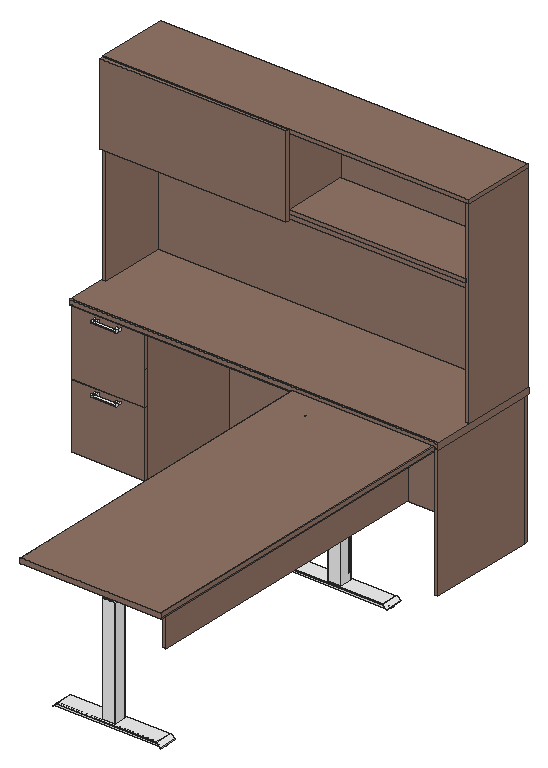
Revit family "JSI-Vision-Typical_Veneer-VST012-", category Furniture, Revit 2020 (continued)
Definition of nested family "JSI-Vision-Adjustable_Table_Standard_Range"
  Definition of nested family "Adj Base"
    Dimensions and locks (in)
      locked: Extrusion 7 to plane 2 at 24.23031
      Extrusion 8 sketch curve to Extrusion 8 sketch curve to plane 5 = 2.14567" locked, 5.02362" locked
      Extrusion 8 sketch curve to Extrusion 8 sketch curve to plane 3 "Center (Left/Right)" = 2.14567" locked, 5.02362" locked
      Extrusion 8 sketch curve to plane 1 "Center (Front/Back)" to Extrusion 8 sketch curve = 1.07283" locked, 1.07283" locked
      Extrusion 1 sketch curve to Extrusion 1 sketch curve to Extrusion 1 sketch curve to plane 4 = 1.57541" locked, 0.275" locked, 1.49065" locked
      Extrusion 1 sketch curve to Extrusion 1 sketch curve to Extrusion 1 sketch curve to Extrusion 1 sketch curve to plane 3 "Center (Left/Right)" = 0.5621" locked, 0.50019" locked, 7.59913" locked, 3.93731" locked
      plane 5 to Extrusion 1 sketch curve to Extrusion 1 sketch curve to Extrusion 1 sketch curve = 3.93731" locked, 7.59913" locked, 1.06228" locked
      Extrusion 2 sketch curve to Extrusion 2 sketch curve to Extrusion 2 sketch curve to Extrusion 2 sketch curve to plane 1 "Center (Front/Back)" to Extrusion 2 sketch curve to Extrusion 2 sketch curve to Extrusion 2 sketch curve to Extrusion 2 sketch curve = 0.09508" locked, 0.59852" locked, 3/32" locked, 1.91932" locked, 1.91932" locked, 3/32" locked, 0.59852" locked, 0.09508" locked
      locked: plane 4 to plane 6 at 1.1875
      Extrusion 8 to Extrusion 8 to plane 6 = 23.38581" locked, 2.15356" locked
      Extrusion 3 sketch curve to Extrusion 3 sketch curve to Extrusion 3 sketch curve to Extrusion 3 sketch curve to plane 1 "Center (Front/Back)" to Extrusion 3 sketch curve to Extrusion 3 sketch curve to Extrusion 3 sketch curve to Extrusion 3 sketch curve = 0.1181" locked, 0.35433" locked, 0.1181" locked, 2.03741" locked, 2.03741" locked, 0.1181" locked, 0.35433" locked, 0.1181" locked
      plane 6 to Extrusion 3 sketch curve to Extrusion 3 sketch curve to Extrusion 3 sketch curve to Extrusion 3 sketch curve = 0.19685" locked, 0.1181" locked, 0.5512" locked, 0.1181" locked
      Extrusion 9 sketch curve to Extrusion 9 sketch curve to Extrusion 9 sketch curve to Extrusion 9 sketch curve to plane 3 "Center (Left/Right)" = 1.41947" locked, 0.03723" locked, 0.11811" locked, 3 1/2" locked
      Extrusion 9 sketch curve to Extrusion 9 sketch curve to Extrusion 9 sketch curve to Extrusion 9 sketch curve to plane 5 = 1.41947" locked, 0.03723" locked, 0.11811" locked, 3 1/2" locked
      plane 6 to Extrusion 9 sketch curve to Extrusion 9 sketch curve to Extrusion 9 sketch curve = 0.11811" locked, 0.03723" locked, 2.01002" locked
      locked: plane 5 to Extrusion 10 at 1.99765
      locked: plane 3 "Center (Left/Right)" to Extrusion 10 at 1.99619
      Extrusion 10 sketch curve to plane 6 to Extrusion 10 sketch curve to Extrusion 10 sketch curve to Extrusion 10 sketch curve to Extrusion 10 sketch curve = 0.34478" locked, 0.37526" locked, 0.2783" locked, 1 1/2" locked, 0.50165" locked
      Extrusion 10 sketch curve to Extrusion 10 sketch curve to Extrusion 10 sketch curve to Extrusion 10 sketch curve to plane 1 "Center (Front/Back)" to Extrusion 10 sketch curve to Extrusion 10 sketch curve to Extrusion 10 sketch curve to Extrusion 10 sketch curve = 1/2" locked, 1/2" locked, 6.67046" locked, 2.47521" locked, 2.47521" locked, 6.67046" locked, 1/2" locked, 1/2" locked
      Extrusion 11 sketch curve to Extrusion 11 sketch curve to Extrusion 11 sketch curve to Extrusion 11 sketch curve to Extrusion 11 sketch curve to Extrusion 11 sketch curve to Extrusion 11 sketch curve to Extrusion 11 sketch curve = 3/32" locked, 0.59852" locked, 0.09508" locked, 3.83863" locked, 0.09508" locked, 0.59852" locked, 3/32" locked
      Extrusion 11 to Extrusion 3 to plane 5 = 5.86615" locked, 17.88976" locked
      Extrusion 2 to Extrusion 3 to plane 3 "Center (Left/Right)" = 5.86615" locked, 17.88976" locked
      Revolve 12 sketch curve to Revolve 12 sketch curve to Revolve 12 sketch curve to plane 7 = 0.1964" locked, 0.63019" locked, 0.15765" locked
      Revolve 13 sketch curve to Revolve 13 sketch curve to Revolve 13 sketch curve = 0.1964" locked, 0.63019" locked
      Revolve 13 to plane 1 "Center (Front/Back)" to Revolve 12 = 10.27547" locked, 10.27559" locked
      Revolve 14 sketch curve to Revolve 14 sketch curve to Revolve 14 sketch curve to plane 8 = 0.1964" locked, 0.63019" locked, 0.15765" locked
      Revolve 15 sketch curve to Revolve 15 sketch curve to Revolve 15 sketch curve = 0.1964" locked, 0.63019" locked
      Revolve 15 to Revolve 14 = 20.55106"
      Revolve 14 to plane 1 "Center (Front/Back)" to Revolve 15 = 10.27559" locked, 10.27547" locked
      locked: Extrusion 16 sketch curve to Extrusion 16 sketch curve at 0.62992
      Extrusion 16 sketch curve to plane 1 "Center (Front/Back)" to Extrusion 16 sketch curve = 11.14173" locked, 11.14173" locked
      "W Top": plane 3 "Center (Left/Right)" to plane 5
      locked: plane 3 "Center (Left/Right)" to plane 7 at 6.09647
      locked: plane 8 to plane 5 at 6.09647
      aligned and locked: plane 2 to level
      aligned and locked: Extrusion 7 to Extrusion 4
      aligned and locked: Extrusion 8 to Extrusion 1
      aligned and locked: Extrusion 3 sketch curve to Extrusion 3 sketch curve  (x2)
      aligned and locked: Extrusion 9 sketch curve to plane 6  (x2)
      aligned and locked: Extrusion 9 sketch curve to Extrusion 9 sketch curve  (x2)
      aligned and locked: Extrusion 2 to cut or joined group of Extrusion 9, Extrusion 10
      aligned and locked: Extrusion 10 sketch curve to Extrusion 10 sketch curve
      aligned and locked: Extrusion 11 to cut or joined group of Extrusion 9, Extrusion 10
      aligned and locked: plane 7 to Revolve 12 sketch curve
      aligned and locked: plane 8 to Revolve 14 sketch curve
      aligned and locked: curve 1 to Extrusion 4
      aligned and locked: curve 2 to Extrusion 4
      aligned and locked: curve 3 to Extrusion 4
      aligned and locked: curve 4 to Extrusion 4
      aligned and locked: curve 5 to Extrusion 6
      aligned and locked: Extrusion 6 to curve 6
      aligned and locked: curve 7 to Extrusion 6
      aligned and locked: curve 8 to Extrusion 6
      aligned and locked: curve 9 to cut or joined group of Extrusion 9, Extrusion 10
      aligned and locked: curve 10 to cut or joined group of Extrusion 9, Extrusion 10
      aligned and locked: cut or joined group of Extrusion 9, Extrusion 10 to curve 11
      aligned and locked: curve 12 to cut or joined group of Extrusion 9, Extrusion 10
      aligned and locked: curve 13 to cut or joined group of Extrusion 9, Extrusion 10
      aligned and locked: curve 14 to cut or joined group of Extrusion 9, Extrusion 10
      aligned and locked: curve 15 to cut or joined group of Extrusion 9, Extrusion 10
      aligned and locked: curve 16 to cut or joined group of Extrusion 9, Extrusion 10
      aligned and locked: Extrusion 2 to curve 31
      aligned and locked: Extrusion 2 to curve 32
      aligned and locked: Extrusion 11 to curve 31
      aligned and locked: Extrusion 11 to curve 32
      aligned and locked: Extrusion 2 to curve 33
      aligned and locked: Extrusion 2 to curve 34
      aligned and locked: Extrusion 11 to curve 33
      aligned and locked: Extrusion 11 to curve 34
    Automatic sketch dimensions
      Extrusion 3 sketch curve to Extrusion 3 sketch curve = 0.1181"  (x3)
      level to Extrusion 4 sketch curve = 1.1022"  (x2)
      Extrusion 4 sketch curve to Extrusion 4 sketch curve = 0.1607"  (x2)
      level to Extrusion 4 sketch curve = 0.99371"
      Extrusion 4 sketch curve to Extrusion 4 sketch curve = 0.07561"
      Extrusion 4 sketch curve to Extrusion 4 sketch curve = 0.08017"
      level to Extrusion 4 sketch curve = 0.99365"
      Extrusion 4 sketch curve to Extrusion 4 sketch curve = 0.09554"
      Extrusion 4 sketch curve to Extrusion 4 sketch curve = 0.01252"
      level to Extrusion 6 sketch curve = 0.4268"
      plane 1 "Center (Front/Back)" to Extrusion 6 sketch curve = 11.48879"
      level to Extrusion 6 sketch curve = 1.1022"  (x2)
      Extrusion 6 sketch curve to Extrusion 6 sketch curve = 0.1607"  (x2)
      level to Extrusion 6 sketch curve = 0.99371"
      Extrusion 6 sketch curve to Extrusion 6 sketch curve = 0.08017"
      level to Extrusion 6 sketch curve = 0.99365"
      Extrusion 6 sketch curve to Extrusion 6 sketch curve = 0.08035"
      level to Extrusion 16 sketch curve = 0.89789"
      level to Extrusion 16 sketch curve = 0.99365"
      Extrusion 16 sketch curve to Extrusion 16 sketch curve = 0.08035"
      Extrusion 16 sketch curve to Extrusion 16 sketch curve = 0.62321"
      Extrusion 16 sketch curve to Extrusion 16 sketch curve = 0.54294"
      Extrusion 16 sketch curve to Extrusion 16 sketch curve = 0.08017"
      Extrusion 16 sketch curve to Extrusion 16 sketch curve = 0.14516"  (x2)
      Extrusion 16 sketch curve to Extrusion 16 sketch curve = 0.12472"
      Extrusion 1 sketch curve to Extrusion 1 sketch curve = 0.5621"
      Extrusion 2 sketch curve to Extrusion 2 sketch curve = 0.0984"  (x4)
      Extrusion 2 sketch curve to plane 6 = 1.49606"  (x2)
      Extrusion 2 sketch curve to plane 6 = 0.21319"  (x2)
      level to Extrusion 5 sketch curve = 0.99371"
      Extrusion 5 sketch curve to Extrusion 5 sketch curve = 0.54294"
      Extrusion 5 sketch curve to Extrusion 5 sketch curve = 0.08017"
      Extrusion 5 sketch curve to Extrusion 5 sketch curve = 0.62321"
      level to Extrusion 5 sketch curve = 0.99365"
      Extrusion 5 sketch curve to Extrusion 5 sketch curve = 0.08035"
      Extrusion 5 sketch curve to Extrusion 5 sketch curve = 0.14516"  (x2)
      plane 7 to Extrusion 7 sketch curve = 1.25986"
      Extrusion 7 sketch curve to Extrusion 7 sketch curve = 0.09843"  (x4)
      Extrusion 7 sketch curve to plane 7 = 1.25982"
      plane 8 to Extrusion 7 sketch curve = 1.35825"
      Extrusion 7 sketch curve to plane 8 = 1.25986"
      plane 7 to Extrusion 8 sketch curve = 1.07285"
      Extrusion 8 sketch curve to Extrusion 8 sketch curve = 0.09843"  (x3)
      Extrusion 8 sketch curve to plane 7 = 1.07282"
      plane 8 to Extrusion 8 sketch curve = 1.17124"
      Extrusion 8 sketch curve to plane 8 = 1.14171"
      Extrusion 8 sketch curve to Extrusion 8 sketch curve = 0.07412"
      plane 1 "Center (Front/Back)" to Extrusion 8 sketch curve = 1.17126"
      Extrusion 8 sketch curve to plane 1 "Center (Front/Back)" = 1.02828"
      Extrusion 9 sketch curve to Extrusion 9 sketch curve = 0.00029"  (x2)
      Extrusion 10 sketch curve to plane 6 = 0.86607"  (x2)
      Extrusion 10 sketch curve to Extrusion 10 sketch curve = 0.09543"
      Extrusion 10 sketch curve to plane 6 = 2.12599"  (x2)
      Extrusion 10 sketch curve to Extrusion 10 sketch curve = 0.2863"
      plane 1 "Center (Front/Back)" to Extrusion 11 sketch curve = 2.70667"
      Extrusion 11 sketch curve to Extrusion 11 sketch curve = 3/32"
      Extrusion 11 sketch curve to Extrusion 11 sketch curve = 0.0984"  (x2)
      Extrusion 11 sketch curve to Extrusion 11 sketch curve = 0.09389"
      Extrusion 11 sketch curve to plane 6 = 0.11811"  (x2)
      Extrusion 11 sketch curve to Extrusion 11 sketch curve = 1.18447"
      Extrusion 11 sketch curve to Extrusion 11 sketch curve = 1.1858"
      plane 7 to Revolve 12 sketch curve = 0"
      Revolve 12 sketch curve to level = 0"
      level to Revolve 12 sketch curve = 0.19657"
      Revolve 12 sketch curve to Revolve 12 sketch curve = 0.1964"
      Revolve 12 sketch curve to Revolve 12 sketch curve = 0.55192"
      Revolve 12 sketch curve to Revolve 12 sketch curve = 0.16385"
      Revolve 12 sketch curve to Revolve 12 sketch curve = 0.05111"
      plane 7 to Revolve 13 sketch curve = 0"  (x2)
      plane 7 to Revolve 13 sketch curve = 0.15765"
      Revolve 13 sketch curve to level = 0"
      level to Revolve 13 sketch curve = 0.19657"
      Revolve 13 sketch curve to Revolve 13 sketch curve = 0.1964"
      Revolve 13 sketch curve to Revolve 13 sketch curve = 0.55192"
      Revolve 13 sketch curve to Revolve 13 sketch curve = 0.16385"
      Revolve 13 sketch curve to Revolve 13 sketch curve = 0.05111"
      Revolve 14 sketch curve to level = 0"
      plane 8 to Revolve 14 sketch curve = 0"
      level to Revolve 14 sketch curve = 0.19657"
      Revolve 14 sketch curve to Revolve 14 sketch curve = 0.1964"
      Revolve 14 sketch curve to Revolve 14 sketch curve = 0.55192"
      Revolve 14 sketch curve to Revolve 14 sketch curve = 0.16385"
      Revolve 14 sketch curve to Revolve 14 sketch curve = 0.05111"
      Revolve 15 sketch curve to level = 0"
      plane 8 to Revolve 15 sketch curve = 0"  (x2)
      plane 8 to Revolve 15 sketch curve = 0.15765"
      level to Revolve 15 sketch curve = 0.19657"
      Revolve 15 sketch curve to Revolve 15 sketch curve = 0.1964"
      Revolve 15 sketch curve to Revolve 15 sketch curve = 0.55192"
      Revolve 15 sketch curve to Revolve 15 sketch curve = 0.16385"
      Revolve 15 sketch curve to Revolve 15 sketch curve = 0.05111"
      plane 7 to curve 3 = 1.81102"
      plane 1 "Center (Front/Back)" to curve 28 = 1.91932"
      plane 1 "Center (Front/Back)" to curve 20 = 1.91932"
      curve 30 to plane 8 = 1.91634"
      curve 28 to curve 26 = 0.78735"
      curve 22 to curve 20 = 0.78735"
      curve 18 to plane 1 "Center (Front/Back)" = 1.91932"
      curve 23 to plane 1 "Center (Front/Back)" = 1.91932"
      curve 23 to curve 23 = 0.78735"
      curve 18 to curve 17 = 0.78735"
      curve 24 to curve 25 = 0"
      plane 1 "Center (Front/Back)" to curve 34 = 2.6279"
      plane 1 "Center (Front/Back)" to curve 33 = 2.03689"
      curve 22 to curve 20 = 0.78554"
      curve 23 to curve 32 = 0.1185"
      curve 31 to curve 17 = 0.07868"
      curve 6 to curve 13 = 0"
      curve 9 to curve 4 = 0"
Definition of nested family "JSI-Vision-Adjustable_Bridge_Modesty"
  Parameters (values of type "Modesty for Adj Bridge - Type Catalog Family")
    Width = 40"
    URL = "www.jsifurniture.com"
    Type Comments = ""
    Series = "Vision Casegoods"  # constant formula
    JSI Enviromental Website = "http://www.jsifurniture.com/jsi_sustainability_intro.php"
    Panel = none
    Height-Panel = 9"
    Height = 30"
    Default Elevation = 0"
    Bracket = none
    Model = "Type Catalog"
    Material = ""
    Manufacturer = "JSI"  # constant formula
    Keynote = "12500"  # constant formula
    Description = "Type Catalog"
    Assembly Code = "E2020200"
  Reference planes (in)
    plane 1 "Center Front/Back": y = 0
    plane 2: z = 0
    plane 3 "Center Left/Right": x = 0
    plane 4: z = 30
    plane 5: y = -0.75
    plane 6: x = 20
    plane 7: x = 40
    plane 8: z = 28.8125
    plane 9: x = 8.375
    plane 10: x = 31.625
    plane 11: z = 19.8125
  Forms (in)
    Extrusion 1, solid, material <- "Panel"
      sketch origin (-12, -1, 0) x (1, 0, 0) y (0, 0, -1)
        loop
          line (12, -28.8125) -> (52, -28.8125) -> (52, -19.8125) -> (12, -19.8125) -> (12, -28.8125)
      from 0.25 to 1
    Extrusion 2, solid, material <- "Bracket", detail levels medium+fine
      sketch origin (-12, -1, 0) x (0, -1, 0) y (0, 0, -1)
        loop
          line (1, -28.8125) -> (1, -28.6875) -> (-0.125, -28.6875) -> (-0.125, -22.8125) -> (-0.25, -22.8125) -> (-0.25, -28.8125) -> (1, -28.8125)
      from 20 to 20.75
    Extrusion 3, solid, material <- "Bracket", detail levels medium+fine
      sketch origin (11.625, -1, 0) x (0, -1, 0) y (0, 0, -1)
        loop
          line (1, -28.8125) -> (1, -28.6875) -> (-0.125, -28.6875) -> (-0.125, -22.8125) -> (-0.25, -22.8125) -> (-0.25, -28.8125) -> (1, -28.8125)
      from 8 to 8.75
    Extrusion 4, solid, material <- "Bracket", detail levels medium+fine
      sketch origin (35.25, -1, 0) x (0, -1, 0) y (0, 0, -1)
        loop
          line (1, -28.8125) -> (1, -28.6875) -> (-0.125, -28.6875) -> (-0.125, -22.8125) -> (-0.25, -22.8125) -> (-0.25, -28.8125) -> (1, -28.8125)
      from -4 to -3.25
  Lines and regions (in)
    symbolic lines
      curve 1: line (0, 0, 0) -> (40, 0, 0)
      curve 2: line (0, -0.75, 0) -> (0, 0, 0)
      curve 3: line (40, -0.75, 0) -> (0, -0.75, 0)
      curve 4: line (40, 0, 0) -> (40, -0.75, 0)
  Dimensions and locks (in)
    locked: Extrusion 2 to Extrusion 2 at 0.75
    locked: Extrusion 3 to Extrusion 3 at 0.75
    locked: Extrusion 4 to Extrusion 4 at 0.75
    locked: plane 10 to plane 7 at 8.375
    equal spacing: Extrusion 2, plane 9, Extrusion 2
    equal spacing: Extrusion 4, plane 10, Extrusion 4
    "Height": plane 4 to plane 2
    "Height-Panel": plane 8 to plane 11
    locked: plane 4 to plane 8 at 1.1875
    equal spacing: plane 3 "Center Left/Right", plane 6, plane 7
    "Width": plane 3 "Center Left/Right" to plane 7
    equal spacing: Extrusion 3, plane 6, Extrusion 3
    locked: plane 3 "Center Left/Right" to plane 9 at 8.375
    aligned and locked: level to plane 2
    aligned and locked: Extrusion 1 to plane 5
    aligned and locked: Extrusion 1 to plane 7
    aligned and locked: plane 8 to Extrusion 1
    aligned and locked: plane 8 to Extrusion 2
    aligned and locked: plane 8 to Extrusion 3
    aligned and locked: plane 8 to Extrusion 4
    aligned and locked: curve 3 to Extrusion 1
    aligned and locked: plane 7 to curve 4
    aligned and locked: curve 1 to Extrusion 1
    aligned and locked: Extrusion 1 to plane 11
    aligned and locked: Extrusion 1 to plane 1 "Center Front/Back"
    aligned and locked: Extrusion 1 to plane 3 "Center Left/Right"
  Automatic sketch dimensions
    plane 7 to Extrusion 1 sketch curve = 0"
    Extrusion 1 sketch curve to plane 8 = 0"
    Extrusion 1 sketch curve to Extrusion 1 sketch curve = 9"
    Extrusion 2 sketch curve to plane 5 = 0"
    Extrusion 2 sketch curve to plane 8 = 0"
    Extrusion 2 sketch curve to Extrusion 2 sketch curve = 1/8"
    Extrusion 2 sketch curve to plane 8 = 1/8"
    Extrusion 2 sketch curve to Extrusion 2 sketch curve = 1 1/8"
    Extrusion 2 sketch curve to Extrusion 2 sketch curve = 5 7/8"
    Extrusion 3 sketch curve to plane 5 = 0"
    Extrusion 3 sketch curve to plane 8 = 0"
    Extrusion 3 sketch curve to Extrusion 3 sketch curve = 1/8"
    Extrusion 3 sketch curve to plane 8 = 1/8"
    Extrusion 3 sketch curve to Extrusion 3 sketch curve = 1 1/8"
    Extrusion 3 sketch curve to Extrusion 3 sketch curve = 5 7/8"
    Extrusion 4 sketch curve to plane 5 = 0"
    Extrusion 4 sketch curve to plane 8 = 0"
    Extrusion 4 sketch curve to Extrusion 4 sketch curve = 1/8"
    Extrusion 4 sketch curve to plane 8 = 1/8"
    Extrusion 4 sketch curve to Extrusion 4 sketch curve = 1 1/8"
    Extrusion 4 sketch curve to Extrusion 4 sketch curve = 5 7/8"
    plane 9 to curve 1 = 8 3/8"
    plane 9 to Extrusion 1 sketch curve = 8 3/8"
